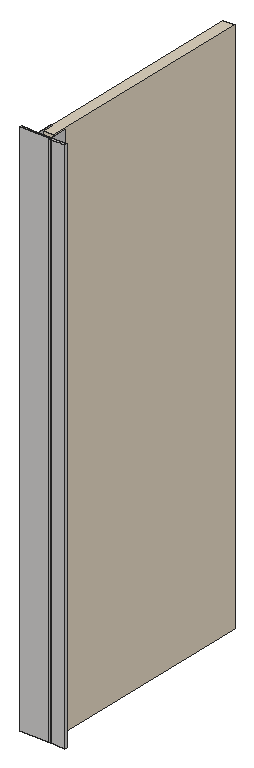
Revit family
Parameters (values of type "As Specified in 10 21 00")
  Warranty Duration (Years) = 0
  URL = "http://www.am-sanitary-partition.com/\r\n"
  Type Comments = "Urinal Screen"
  Stall Width = 2' - 0"
  Stall Depth [instance] = 1' - 6"
  Panel Thickness = 0' - 0 7/8"
  Panel Height [instance] = 3' - 6"
  Green Building-LEED = "http://www.arcat.com/green/clients/leed_data_30440.html\r\n"
  End Panel_Right Side [instance] = yes
  Specification = "http://www.arcat.com/specwizard/clients/amerisan.html?coid=30440\r\n"
  SpecWizard = "http://www.arcat.com/specwizard/10150asp/index.htm?mf=&coid=30440\r\n"
  Send Message = "http://admin.arcat.com/users.pl?action=UserEmail&company=American%20Sanitary%20Partition%20Corp.&coid=30440&rep=145&fax=407-656-8189&mf=\r\n"
  Sales Information = "http://www.am-sanitary-partition.com/\r\n"
  Revision = "R1_10/2009"
  Reveal Clearance = 0' - 0 1/2"
  Product Properties = "http://www.arcat.com/bim/bim_info.pl?fn=Toilet-Partition_AmericanSanitary_Urinal-Screen-FlangeSupport\r\n"
  Product Data = "http://www.arcat.com/arcatcos/cos30/arc30440.html\r\n"
  Panel Material [instance] = Phenolic Core - Color as Specified
  Model = "As Specified in 10 21 00"
  Manufacturer's Notes = ""
  Manufacturer Website = "http://www.am-sanitary-partition.com/\r\n"
  Manufacturer Phone = "407-656-0611\r\n"
  Manufacturer Fax = "407-656-8189\r\n"
  Manufacturer Address = "300 Enterprise St.; P. O. Box 99; Ocoee; FL 34761\r\n"
  Manufacturer = "American Sanitary Partition Corp.\r\n"
  Maintenance Schedule (Months) = 0
  Keynote = "10 21 00"
  Installation-Fabrication = "http://www.arcat.com/clients/amersan.pdf"
  Installation Phase = ""
  End Panel_Left Side [instance] = no
  Hardware Finish [instance] = Stainless Steel - Type 304 #4 Brushed Finish
  Expected Lifespan (Years) = 0
  Drawn By = "Robert S. Weygant, CSI, CDT, SCIP"  # constant formula
  Distance from Floor to Panel [instance] = 1' - 0"
  Copyright = "2009, ARCAT, Inc."  # constant formula
  Description = "As Specified in 10 21 00"
  Construction Details = "http://www.arcat.com/details/amerisan/amerisan.html?coid=30440\r\n"
  Assembly Code = "C1010400"
Reference planes (in)
  plane 1: y = 26.56271
  plane 2 "Center (Left/Right)": x = 26.69467
  plane 3 "Left": x = 38.69467
  plane 4: x = 14.69467
  plane 5 "Back": y = 32.56271
  plane 6 "Right": x = 13.81967
  plane 7 "Bottom of panel": z = 12
  plane 8 "Top of panel": z = 54
  plane 9 "Bottom Bracket": z = 18
  plane 10 "Top Bracket": z = 48
  plane 11 "Top Hinge": z = 50.75
  plane 12: y = 50.56271
  plane 13: y = 33.06271
  plane 14: z = 0
  plane 15: x = 39.56967
Forms (in)
  Extrusion 1, solid, material "Phenolic Core - Color as Specified" <- "Panel Material", visible <- "End Panel_Left Side"
    sketch origin (0, 0, 0) x (1, 0, 0) y (0, 1, 0)
      loop
        line (38.69467, 33.06271) -> (39.56967, 33.06271) -> (39.56967, 50.56271) -> (38.69467, 50.56271) -> (38.69467, 33.06271)
    from 12 to 54
  Extrusion 2, solid, material "Phenolic Core - Color as Specified" <- "Panel Material", visible <- "End Panel_Right Side"
    sketch origin (0, 0, 0) x (1, 0, 0) y (0, 1, 0)
      loop
        line (13.81967, 33.06271) -> (14.69467, 33.06271) -> (14.69467, 50.56271) -> (13.81967, 50.56271) -> (13.81967, 33.06271)
    from 12 to 54
Lines and regions (in)
  symbolic lines
    curve 1: line (14.69467, 32.56271, 0) -> (13.81967, 32.56271, 0)
Text (in)
  text "Placement Side" at (0, 40.15149, 123.01588), in view "Right"
  text "Placement Side" at (-71.13158, 43.3951, 0), in view "Floor Line"
  text "Placement Side" at (0, 65.23256, 117.93067), in view "Left"
Dimensions and locks (in)
  "Stall Width": plane 4 to plane 3 "Left"
  "Panel Height": plane 7 "Bottom of panel" to plane 8 "Top of panel"
  "Distance from Floor to Panel": host wall to plane 7 "Bottom of panel"
  "Panel Thickness": plane 6 "Right" to plane 4
  "Panel Thickness": plane 3 "Left" to Extrusion 1 sketch curve
  equal spacing: plane 4, plane 2 "Center (Left/Right)", plane 3 "Left"
  locked: plane 10 "Top Bracket" to plane 11 "Top Hinge" at 2.75
  locked: plane 10 "Top Bracket" to plane 8 "Top of panel" at 6
  locked: plane 7 "Bottom of panel" to plane 9 "Bottom Bracket" at 6
  "Reveal Clearance": plane 13 to plane 5 "Back"
  "Stall Depth": plane 12 to plane 5 "Back"
  "Panel Thickness": plane 3 "Left" to plane 15
  aligned and locked: plane 3 "Left" to Extrusion 1 sketch curve
  aligned and locked: plane 7 "Bottom of panel" to Extrusion 1
  aligned and locked: Extrusion 2 to plane 8 "Top of panel"
  aligned and locked: plane 7 "Bottom of panel" to Extrusion 2
  aligned and locked: plane 12 to Extrusion 2 sketch curve
  aligned and locked: Extrusion 2 sketch curve to plane 13
  aligned and locked: plane 13 to Extrusion 1 sketch curve
  aligned and locked: Extrusion 1 sketch curve to plane 12
  aligned and locked: Extrusion 1 to plane 8 "Top of panel"
  aligned and locked: plane 14 to level
  aligned and locked: plane 5 "Back" to host wall
  aligned and locked: plane 5 "Back" to nested 1
  aligned and locked: plane 5 "Back" to nested 2
  aligned and locked: plane 6 "Right" to nested 1
  aligned and locked: plane 3 "Left" to nested 2
  aligned and locked: nested 1 to plane 8 "Top of panel"
  aligned and locked: nested 2 to plane 8 "Top of panel"
Automatic sketch dimensions
  curve 1 to host wall = 0' - 0"
  curve 1 to plane 6 "Right" = 0' - 0"
  curve 1 to plane 4 = 0' - 0"
  Extrusion 2 sketch curve to plane 6 "Right" = 0' - 0"
  Extrusion 2 sketch curve to plane 4 = 0' - 0"
Nested families (in)
  nested 1: "Mounting Bracket" at (14.69467, 32.56271, 12) x (-1, 0, 0) z (0, 0, 1), visible <- "End Panel_Right Side", type "Flange"
    with panel thickness 0' - 0 7/8", Hdwr Height 3' - 6"
  nested 2: "Mounting Bracket" at (39.56967, 32.56271, 12) x (-1, 0, 0) z (0, 0, 1), visible <- "End Panel_Left Side", type "Flange"
    with panel thickness 0' - 0 7/8", Hdwr Height 3' - 6"
Definition of nested family "Mounting Bracket"
  Parameters (values of type "Common Mount")
    panel thickness = 0' - 0 1/2"
    hdwr matl = none
    Surfmnt = yes
    Hdwr Height = 0' - 1"
    Assembly Code = ""
  Types (2): name | panel thickness | Surfmnt
    Common Mount | 0' - 0 1/2" | yes
    End Mount | 0' - 1" | no
  Reference planes (in)
    plane 1 "Center (Front/Back)": y = 0
    plane 2 "bottom": z = 0
    plane 3 "Center (Left/Right)": x = 0
    plane 4: y = -1.37133
    plane 5 "top": z = 1
    plane 6: y = -0.12324
  Forms (in)
    Extrusion 1, solid, material <- "hdwr matl"
      sketch origin (0, 0, 0) x (1, 0, 0) y (0, 1, 0)
        loop
          line (0, -1.37133) -> (0, -0.125) -> (0.5, -0.125) -> (0.5, -1.37133) -> (0.625, -1.37133) -> (0.625, -0.12324) -> (2.25, -0.12324) -> (2.25, 0) -> (-0.125, 0) -> (-0.125, -1.37133) -> (0, -1.37133)
      from 0 to 1
    Extrusion 2, solid, material <- "hdwr matl", visible <- "Surfmnt"
      sketch origin (0, 0, 0) x (1, 0, 0) y (0, 1, 0)
        loop
          line (0, 0) -> (-1.25, 0) -> (-1.25, -0.125) -> (0, -0.125) -> (0, 0)
      from 0 to 1
  Dimensions and locks (in)
    "panel thickness": Extrusion 1 sketch curve to Extrusion 1 sketch curve
    locked: Extrusion 1 sketch curve to Extrusion 1 sketch curve at 0.125  (x2)
    locked: plane 4 to plane 1 "Center (Front/Back)" at 1.37133
    locked: Extrusion 1 sketch curve to Extrusion 1 sketch curve at 2.375
    locked: Extrusion 2 sketch curve to Extrusion 2 sketch curve at 0.125
    locked: Extrusion 2 sketch curve to Extrusion 2 sketch curve at 1.25
    "Hdwr Height": plane 5 "top" to plane 2 "bottom"
    locked: plane 6 to plane 1 "Center (Front/Back)" at 0.12324
    "panel thickness": Extrusion 1 to Extrusion 1
    aligned and locked: plane 3 "Center (Left/Right)" to Extrusion 1 sketch curve
    aligned and locked: Extrusion 1 sketch curve to plane 1 "Center (Front/Back)"
    aligned and locked: Extrusion 1 sketch curve to plane 4  (x2)
    aligned and locked: Extrusion 2 sketch curve to plane 1 "Center (Front/Back)"
    aligned and locked: plane 3 "Center (Left/Right)" to Extrusion 2 sketch curve
    aligned and locked: plane 5 "top" to Extrusion 1
    aligned and locked: plane 5 "top" to Extrusion 2
    aligned and locked: Extrusion 1 to plane 2 "bottom"
    aligned and locked: Extrusion 2 to plane 2 "bottom"
  Automatic sketch dimensions
    plane 1 "Center (Front/Back)" to Extrusion 1 sketch curve = 0' - 0.12324"
    plane 1 "Center (Front/Back)" to Extrusion 1 sketch curve = 0' - 0 1/8"
